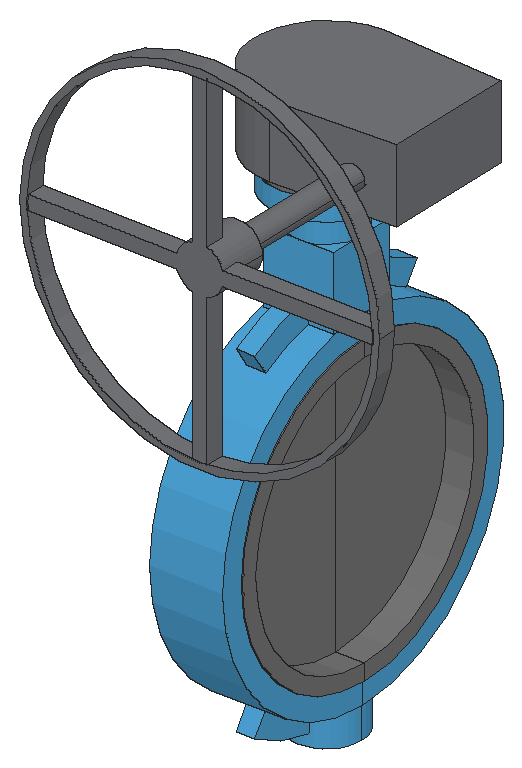
Revit family "731BG Butterfly Valve", category Pipe Accessories, Revit 2018
Family settings
  Round Connector Dimension = Use Diameter
  Part Type = Normal
  Work Plane-Based = No
  Always vertical = Yes
  Cut with Voids When Loaded = No
  Shared = No
Parameters (values of type "Standard")
  pipe radius [instance] = Pipe Diameter / 2  # 4.3125"
  Weight [instance] = size_lookup(LookupTable, "Weight", "NA", Nominal Diameter)  # "42.9 lbs."
  URL = "http://www.fnw.com"
  Standards Lookup Table = "Standards"  # constant formula
  Show Lever Clearance [instance] = no
  R3 [instance] = size_lookup(LookupTable, "R3", 0.000", Nominal Diameter)  # 4.8125"
  R2 [instance] = size_lookup(LookupTable, "R2", 0.000", Nominal Diameter)  # 6.250"
  R1 [instance] = size_lookup(LookupTable, "R1", 0.000", Nominal Diameter)  # 5.500"
  Product ID [instance] = size_lookup(LookupTable, "ProductID", "NA", Nominal Diameter)  # "1861010"
  Pipe Diameter [instance] = size_lookup(Standards Lookup Table, "pipe_dia", 0.000", Nominal Diameter)  # 8.625"
  Part Number [instance] = size_lookup(LookupTable, "PartNumber", "NA", Nominal Diameter)  # "FNW731BGX"
  Nominal Diameter [instance] = 8"
  LookupTable [instance] = "731BG-Butterfly-Valve"  # constant formula
  L4 [instance] = size_lookup(LookupTable, "L4", 0.000", Nominal Diameter)  # 0.590"
  L3 [instance] = size_lookup(LookupTable, "L3", 0.000", Nominal Diameter)  # 0.060"
  L2 [instance] = size_lookup(LookupTable, "L2", 0.000", Nominal Diameter)  # 0.060"
  L1 [instance] = size_lookup(LookupTable, "L1", 0.000", Nominal Diameter)  # 2.180"
  H4 [instance] = size_lookup(LookupTable, "H4", 0.000", Nominal Diameter)  # 9.340"
  H3 [instance] = size_lookup(LookupTable, "H3", 0.000", Nominal Diameter)  # 8.670"
  H2 [instance] = size_lookup(LookupTable, "H2", 0.000", Nominal Diameter)  # 7.665"
  H1 [instance] = size_lookup(LookupTable, "H1", 0.000", Nominal Diameter)  # 6.510"
  Description BOM [instance] = size_lookup(LookupTable, "Description_BOM", "NA", Nominal Diameter)  # "Lead Law Compliant 8 Cast Iron Stainless Steel BUNA 255# Wafer Butterfly Valve Gear Operator"
  D2 [instance] = size_lookup(LookupTable, "D2", 0.000", Nominal Diameter)  # 2.240"
  D1 [instance] = size_lookup(LookupTable, "D1", 0.000", Nominal Diameter)  # 3.540"
  A1 [instance] = 33.00°  # constant formula
  1_Z4 [instance] = size_lookup(LookupTable, "1_Z4", 0.000", Nominal Diameter)  # 1.415"
  1_Z3 [instance] = size_lookup(LookupTable, "1_Z3", 0.000", Nominal Diameter)  # 2.303"
  1_Z2 [instance] = size_lookup(LookupTable, "1_Z2", 0.000", Nominal Diameter)  # 0.453"
  1_Y5 [instance] = size_lookup(LookupTable, "1_Y5", 0.000", Nominal Diameter)  # 0.56102"
  1_Y4 [instance] = size_lookup(LookupTable, "1_Y4", 0.000", Nominal Diameter)  # 1.49606"
  1_Y3 [instance] = size_lookup(LookupTable, "1_Y3", 0.000", Nominal Diameter)  # 8.070"
  1_Y2 [instance] = 0.000"  # constant formula
  1_Y1 [instance] = size_lookup(LookupTable, "1_Y1", 0.000", Nominal Diameter)  # 2.825"
  1_X7 [instance] = size_lookup(LookupTable, "1_X7", 0.000", Nominal Diameter)  # 5.650"
  1_X6 [instance] = size_lookup(LookupTable, "1_X6", 0.000", Nominal Diameter)  # 0.74803"
  1_X5 [instance] = size_lookup(LookupTable, "1_X5", 0.000", Nominal Diameter)  # 0.37402"
  1_X4 [instance] = size_lookup(LookupTable, "1_X4", 0.000", Nominal Diameter)  # 2.480"
  1_X3 [instance] = size_lookup(LookupTable, "1_X3", 0.000", Nominal Diameter)  # 3.840"
Reference planes (in)
  plane 1 "Center (Front/Back)": y = 0
  plane 2: z = 0
  plane 3 "Center (Left/Right)": x = 0
  plane 4: y = 1.09
  plane 5: y = -1.09
  plane 6: x = -1.09
  plane 7: x = 1.09
  plane 8: x = -1.15
  plane 9: x = 1.15
  plane 10: z = -5.5
  plane 11: z = 5.5
  plane 12: z = -6.25
  plane 13: z = 6.25
  plane 14: z = -6.51
  plane 15: z = 7.665
  plane 16: z = 8.67
  plane 17 "Pad Top": z = 9.34
  plane 18: x = -1.77
  plane 19: x = 1.77
  plane 20: z = 4.3125
  plane 21: x = -1.21
  plane 22: x = 1.21
  plane 23: z = 4.8125
  plane 24: x = -0.295
  plane 25: x = 0.295
  plane 26: z = -4.8125
Forms (in)
  Extrusion 1, solid, material "butterfly paint blue"
    sketch origin (0, 0, 0) x (1, 0, 0) y (0, 1, 0)
      loop
        circle (0, 0) r 1.77
    from 8.67 to 9.34
  Revolve 2, solid, material "butterfly paint blue"
    sketch origin (0, 0, 0) x (1, 0, 0) y (0, 0, 1)
      loop
        line (-1.15, 4.8125) -> (1.15, 4.8125) -> (1.15, 5.5) -> (-1.15, 5.5) -> (-1.15, 4.8125)
      axis (-1.15, 0) -> (1.15, 0)
    angle from 0 to 360
  Revolve 3, solid, material "Rubber, Black"
    sketch origin (0, 0, 0) x (1, 0, 0) y (0, 0, 1)
      loop
        line (-1.21, 4.8125) -> (-1.21, 4.3125) -> (-0.295, 4.3125) -> (-0.295, 0) -> (0.295, 0) -> (0.295, 4.3125) -> (1.21, 4.3125) -> (1.21, 4.8125) -> (-1.21, 4.8125)
      axis (1.21, 0) -> (-1.21, 0)
    angle from 0 to 360
  Extrusion 4, solid, material "butterfly paint blue"
    sketch origin (0, 0, 0) x (1, 0, 0) y (0, 1, 0)
      loop
        line (-1.09, 1.09) -> (-1.09, -1.09) -> (1.09, -1.09) -> (1.09, 1.09) -> (-1.09, 1.09)
    from 4.8125 to 7.665
  Extrusion 5, solid, material "butterfly paint blue"
    sketch origin (0, 0, 0) x (1, 0, 0) y (0, 1, 0)
      loop
        circle (0, 0) r 1.09
    from 7.665 to 8.67
  Extrusion 6, solid, material "butterfly paint blue"
    sketch origin (0, 0, 0) x (1, 0, 0) y (0, 1, 0)
      loop
        circle (0, 0) r 1.12
    from -6.51 to -4.8125
  Extrusion 7, solid, material "butterfly paint blue"
    sketch origin (0, 0, 0) x (0, 1, 0) y (0, 0, 1)
      loop
        arc (3.17225, 5.3851) -> (0, 6.25) -> (-3.17225, 5.3851) r 6.25
        line (-3.17225, 5.3851) -> (-2.76333, 4.75542)
        arc (-2.76333, 4.75542) -> (0, 5.5) -> (2.76333, 4.75542) r 5.5
        line (2.76333, 4.75542) -> (3.17225, 5.3851)
      loop
        line (-2.76333, -4.75542) -> (-3.17225, -5.3851)
        arc (-3.17225, -5.3851) -> (0, -6.25) -> (3.17225, -5.3851) r 6.25
        line (3.17225, -5.3851) -> (2.76333, -4.75542)
        arc (2.76333, -4.75542) -> (0, -5.5) -> (-2.76333, -4.75542) r 5.5
    from -0.295 to 0.295
Dimensions and locks (in)
  equal spacing: plane 5, plane 1 "Center (Front/Back)", plane 4
  "L1": plane 5 to plane 4
  equal spacing: plane 7, plane 3 "Center (Left/Right)", plane 6
  "L1": plane 7 to plane 6
  "L2": plane 6 to plane 8
  "L2": plane 7 to plane 9
  "R1": plane 2 to plane 10
  "R1": plane 11 to plane 2
  "R2": plane 13 to plane 2
  "R2": plane 2 to plane 12
  "H1": plane 2 to plane 14
  "H2": plane 15 to plane 2
  "H3": plane 16 to plane 2
  "H4": plane 17 "Pad Top" to plane 2
  equal spacing: plane 18, plane 3 "Center (Left/Right)", plane 19
  "D1": plane 18 to plane 19
  "pipe radius": plane 20 to plane 2
  "L3": plane 21 to plane 8
  "L3": plane 9 to plane 22
  "R3": plane 23 to plane 2
  equal spacing: plane 25, plane 3 "Center (Left/Right)", plane 24
  "L4": plane 25 to plane 24
  "R3": plane 2 to plane 26
  "D1": diameter of Extrusion 1 sketch curve
  "L1": diameter of Extrusion 5 sketch curve
  "D2": diameter of Extrusion 6 sketch curve
  "R2": radius of Extrusion 7 sketch curve  (x2)
  radius of Revolve 2 = 5.500"  (x2)
  "R1": radius of Extrusion 7 sketch curve  (x2)
  "A1": angle Extrusion 7 sketch curve to plane 1 "Center (Front/Back)"  (x2)
  "A1": angle plane 1 "Center (Front/Back)" to Extrusion 7 sketch curve  (x2)
  aligned and locked: plane 2 to level
  aligned and locked: Extrusion 1 to plane 16
  aligned and locked: plane 17 "Pad Top" to Extrusion 1
  aligned and locked: Revolve 2 sketch curve to plane 2
  aligned and locked: Revolve 2 sketch curve to plane 8
  aligned and locked: plane 9 to Revolve 2 sketch curve
  aligned and locked: Revolve 2 sketch curve to plane 23
  aligned and locked: plane 11 to Revolve 2 sketch curve
  aligned and locked: plane 2 to Revolve 3 sketch curve  (x2)
  aligned and locked: Revolve 3 sketch curve to plane 20  (x2)
  aligned and locked: Revolve 3 sketch curve to plane 23
  aligned and locked: plane 21 to Revolve 3 sketch curve
  aligned and locked: Revolve 3 sketch curve to plane 22
  aligned and locked: plane 6 to Extrusion 4 sketch curve
  aligned and locked: plane 4 to Extrusion 4 sketch curve
  aligned and locked: plane 7 to Extrusion 4 sketch curve
  aligned and locked: plane 5 to Extrusion 4 sketch curve
  aligned and locked: Extrusion 4 to plane 23
  aligned and locked: plane 15 to Extrusion 4
  aligned and locked: Extrusion 5 to plane 15
  aligned and locked: plane 16 to Extrusion 5
  aligned and locked: plane 14 to Extrusion 6
  aligned and locked: Extrusion 6 to plane 26
  aligned and locked: Revolve 3 sketch curve to plane 25
  aligned and locked: Revolve 3 sketch curve to plane 24
  aligned and locked: Extrusion 7 to Revolve 3  (x2)
Automatic sketch dimensions
  plane 18 to Revolve 2 sketch curve = 1.38258"
  plane 19 to Revolve 2 sketch curve = 0.67957"
  plane 18 to Revolve 3 sketch curve = 0.55945"
  Revolve 3 sketch curve to plane 24 = 0.0725"
  plane 1 "Center (Front/Back)" to Extrusion 1 sketch curve = 0.000"
  Extrusion 1 sketch curve to plane 3 "Center (Left/Right)" = 0.000"
  plane 1 "Center (Front/Back)" to Extrusion 5 sketch curve = 0.000"
  Extrusion 5 sketch curve to plane 3 "Center (Left/Right)" = 0.000"
  plane 1 "Center (Front/Back)" to Extrusion 6 sketch curve = 0.000"
  Extrusion 6 sketch curve to plane 3 "Center (Left/Right)" = 0.000"
  Extrusion 7 sketch curve to Extrusion 7 sketch curve = 0.000"  (x6)
  Extrusion 7 sketch curve to level = 0.000"
  Extrusion 7 sketch curve to plane 1 "Center (Front/Back)" = 0.000"
  Extrusion 7 sketch curve to plane 23 = 0.05708"  (x2)
  Extrusion 7 sketch curve to plane 26 = 0.05708"  (x2)
Nested families (in)
  nested 1: "butterfly gear" at (0, 0, 9.34), 1_Y1 <- "D2", 1_X3 <- "1_X3", 1_X4 <- "1_X4", 1_X5 <- "1_X5", 1_Z3 <- "1_Z3", 1_Y2 <- "1_Y2", 1_Z2 <- "1_Z2", D1 <- "D1", 1_X6 <- "1_X6", 1_X7 <- "1_X7", 1_Y3 <- "1_Y3", 1_Y4 <- "1_Y4", 1_Y5 <- "1_Y5", 1_Z4 <- "1_Z4", type "butterfly gear"
    with Spoke half 0.22451", Spoke 0.44901", ORS 5.43125", Locked Angle 3.00°, IRS 0.96678", D1 3.540", 1_Z4 1.415", 1_Z3 Half 1.1515", 1_Z3 2.303", 1_Z2 0.453", 1_Y5 0.56102", 1_Y4 1.49606", 1_Y3 8.070", 1_Y2_Half 0.000", 1_Y2 0.000", 1_Y1_Half 1.120", 1_Y1 2.240", 1_X7 5.650", 1_X6 0.74803", 1_X5 0.37402", 1_X4 2.480", 1_X3 3.840"
Connectors (in)
  piping at (1.15, 0, 0), diameter 8, driven by "Nominal Diameter"
    settings: on Revolve 2, index 1, connector inside diameter 24", connector length 0.000", flow factor 0, pipe flow 0 GPM, pressure drop 0.00 psi, fitting loss kfactor 0, connector angle 0.00°, fixture units 0, engagement length 0.000", angle of deflection 0.00°, flow configuration 0, flow direction 0, fitting loss method 0, system type 7, joint type 0, gender type 0, connector reference index -1, connector utility 0, adjustable connector no, is connector primary yes, connector description ""
  piping at (-1.15, 0, 0), diameter 8, driven by "Nominal Diameter"
    settings: on Revolve 2, index 2, connector inside diameter 24", connector length 0.000", flow factor 0, pipe flow 0 GPM, pressure drop 0.00 psi, fitting loss kfactor 0, connector angle 0.00°, fixture units 0, engagement length 0.000", angle of deflection 0.00°, flow configuration 0, flow direction 0, fitting loss method 0, system type 7, joint type 0, gender type 0, connector reference index -1, connector utility 0, adjustable connector no, is connector primary no, connector description ""
Definition of nested family "butterfly gear"
  Parameters (values of type "butterfly gear")
    Spoke half [instance] = 0.22451"
    Spoke [instance] = Spoke half * 2  # 0.44901"
    ORS [instance] = [1_X7] - 0.21875"  # 1.78125"
    Locked Angle [instance] = 3.00°  # constant formula
    IRS [instance] = [1_X6] + 0.21875"  # 0.90625"
    D1 [instance] = 1.500"
    1_Z4 [instance] = 3.750"
    1_Z3 Half [instance] = [1_Z3] / 2  # 0.375"
    1_Z3 [instance] = 0.750"
    1_Z2 [instance] = 0.250"
    Default Elevation = 48.000"
    1_Y5 [instance] = 0.375"
    1_Y4 [instance] = 1.125"
    1_Y3 [instance] = 3.250"
    1_Y2_Half [instance] = [1_Y2] / 2  # 6.61721"
    1_Y2 [instance] = 13.23443"
    1_Y1_Half [instance] = [1_Y1] / 2  # 0.59961"
    1_Y1 [instance] = 1.19922"
    1_X7 [instance] = 2.000"
    1_X6 [instance] = 0.6875"
    1_X5 [instance] = 0.250"
    1_X4 [instance] = 1.500"
    1_X3 [instance] = 2.15625"
  Reference planes (in)
    plane 1 "Center (Front/Back)": y = 0
    plane 2: z = 0
    plane 3 "Center (Left/Right)": x = 0
    plane 4 "Top": z = 0.25
    plane 5: x = 2.15625
    plane 6: y = 1.19922
    plane 7: y = -1.19922
    plane 8: z = 1
    plane 9: x = 1.5
    plane 10: y = -3.25
    plane 11 "gear center": z = 3.75
    plane 12: y = -2.875
  Forms (in)
    Extrusion 1, solid
      sketch origin (0, 0, 0) x (1, 0, 0) y (0, 1, 0)
        loop
          arc (0, 1.19922) -> (-1.19922, 0) -> (0, -1.19922) r 1.19922
          line (0, -1.19922) -> (2.15625, -1.08621) -> (2.15625, 1.08621) -> (0, 1.19922)
      from 0.25 to 1
    Extrusion 2, solid
      sketch origin (0, 0, 0) x (1, 0, 0) y (0, 1, 0)
        loop
          circle (0, 0) r 0.75
      from 0 to 0.25
    Revolve 3, solid
      sketch origin (0, 0, 3.75) x (-1, 0, 0) y (0, -1, 0)
        loop
          line (-1.5, 0) -> (-1.25, 0) -> (-1.25, 2.125) -> (-0.8125, 2.125) -> (-0.8125, 3.25) -> (-1.5, 3.25) -> (-1.5, 0)
        axis (-1.5, 0) -> (-1.5, 3.25)
      angle from 0 to 360
    Extrusion 4, solid
      sketch origin (0, 0, 0) x (1, 0, 0) y (0, 0, 1)
        loop
          line (1.27549, 5.53125) -> (1.27549, 3.97451) -> (-0.28125, 3.97451) -> (-0.28125, 3.52549) -> (1.27549, 3.52549) -> (1.27549, 1.96875) -> (1.72451, 1.96875) -> (1.72451, 3.52549) -> (3.28125, 3.52549) -> (3.28125, 3.97451) -> (1.72451, 3.97451) -> (1.72451, 5.53125) -> (1.27549, 5.53125)
      from 2.875 to 3.25
    Extrusion 5, solid
      sketch origin (0, 0, 0) x (1, 0, 0) y (0, 0, 1)
        loop
          circle (1.5, 3.75) r 1.78125
        loop
          circle (1.5, 3.75) r 2
      from 2.875 to 3.25
  Cuts and joins
    joined: Revolve 3, Extrusion 4
  Lines and regions (in)
    reference lines
      curve 1: line (1.27406, 0, 0) -> (-2.01203, 0, 0)
      curve 2: line (0, 0.75, 0) -> (0, -0.75, 0)
  Dimensions and locks (in)
    "1_Z2": plane 4 "Top" to level
    "1_X3": plane 3 "Center (Left/Right)" to plane 5
    "1_Y1": plane 7 to plane 1 "Center (Front/Back)"
    "1_Y1": plane 1 "Center (Front/Back)" to plane 6
    "1_Z3": plane 8 to plane 4 "Top"
    "1_X4": plane 3 "Center (Left/Right)" to plane 9
    "1_Y3": plane 10 to plane 1 "Center (Front/Back)"
    "1_X5": Revolve 3 sketch curve to plane 9
    "1_X6": Revolve 3 sketch curve to plane 9
    "1_Y4": Revolve 3 sketch curve to plane 10
    "1_Y5": plane 12 to plane 10
    "1_Z4": plane 11 "gear center" to plane 2
    equal spacing: Extrusion 4 sketch curve, plane 9, Extrusion 4 sketch curve
    equal spacing: Extrusion 4 sketch curve, plane 11 "gear center", Extrusion 4 sketch curve
    "Spoke": Extrusion 4 sketch curve to Extrusion 4 sketch curve  (x2)
    "ORS": Extrusion 4 sketch curve to plane 11 "gear center" to Extrusion 4 sketch curve
    "ORS": Extrusion 4 sketch curve to plane 9 to Extrusion 4 sketch curve
    "1_Y1": radius of Extrusion 1 sketch curve
    "D1": diameter of Extrusion 2 sketch curve
    "ORS": radius of Extrusion 5 sketch curve
    "1_X7": radius of Extrusion 5 sketch curve
    "Locked Angle": angle Extrusion 1 sketch curve to plane 6
    "Locked Angle": angle plane 7 to Extrusion 1 sketch curve
    aligned and locked: plane 2 to level
    aligned and locked: Extrusion 1 sketch curve to plane 5
    aligned and locked: Extrusion 1 to plane 4 "Top"
    aligned and locked: Extrusion 1 to plane 8
    aligned and locked: plane 4 "Top" to Extrusion 2
    aligned and locked: Extrusion 2 to level
    aligned and locked: Revolve 3 sketch curve to plane 9
    aligned and locked: Revolve 3 sketch curve to plane 1 "Center (Front/Back)"
    aligned and locked: Extrusion 4 to plane 10
    aligned and locked: plane 12 to Extrusion 4
    aligned and locked: cut or joined group of Revolve 3, Extrusion 4 to plane 10
    aligned and locked: plane 12 to cut or joined group of Revolve 3, Extrusion 4
    aligned and locked: Extrusion 5 to plane 10
    aligned and locked: plane 12 to Extrusion 5
    aligned and locked: Revolve 3 sketch curve to plane 10
  Automatic sketch dimensions
    plane 1 "Center (Front/Back)" to curve 1 = 0.000"
    curve 2 to plane 3 "Center (Left/Right)" = 0.000"
    curve 1 to plane 3 "Center (Left/Right)" = 2.01203"
    curve 1 to plane 9 = 0.22594"
    plane 7 to curve 2 = 0.44922"
    plane 6 to curve 2 = 0.44922"
    Extrusion 1 sketch curve to plane 3 "Center (Left/Right)" = 0.000"  (x2)
    Extrusion 1 sketch curve to plane 7 = 0.000"
    plane 1 "Center (Front/Back)" to Extrusion 2 sketch curve = 0.000"
    Extrusion 2 sketch curve to plane 3 "Center (Left/Right)" = 0.000"
    Revolve 3 sketch curve to plane 9 = 0.000"
    plane 7 to Revolve 3 sketch curve = 0.19922"
    Revolve 3 sketch curve to Revolve 3 sketch curve = 0.75779"
    Extrusion 4 sketch curve to plane 9 = 0.22451"
    plane 9 to Extrusion 4 sketch curve = 0.22451"
    Extrusion 4 sketch curve to plane 11 "gear center" = 0.22451"
    plane 11 "gear center" to Extrusion 4 sketch curve = 0.22451"
    Extrusion 5 sketch curve to Extrusion 5 sketch curve = 0.000"  (x2)
    Extrusion 5 sketch curve to plane 9 = 0.000"
    Extrusion 5 sketch curve to plane 11 "gear center" = 0.000"
